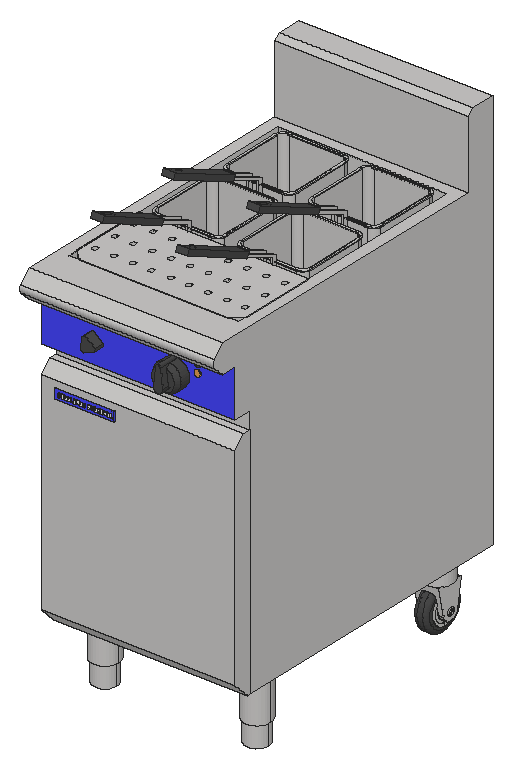
Revit family "QF_MOFFAT_BLUESEAL_CE_G47", category Specialty Equipment, Revit 2012
Parameters
  Weight in Pounds = 182
  Waste Water Discharge Temperature [instance] = -459.67 °F
  URL Cutsheet = "www.moffat.com"
  URL = "www.moffat.com"
  Type Mark [instance] = ""
  Status [instance] = ""
  Specification by User [instance] = ""
  Specification by Manufacturer = ""
  Show Logo [instance] = yes
  Show Clearance [instance] = yes
  Show Casters [instance] = yes
  Serial Number = ""
  Seismic Rating = ""
  SMACNA No = ""
  Revision Code [instance] = ""
  Plumbing Remarks = ""
  Plumbing Connection Type = ""
  Omniclass Number and Title = ""
  NAFEM Spec ID Number = ""
  Model = "G47"
  Mechanical Remarks = ""
  Mechanical Connection Type = ""
  Masterspec = ""
  Manufacturer = "MOFFAT BLUESEAL"
  Legs [instance] = not(Show Casters)  # no
  Item Number [instance] = ""
  Installed By [instance] = ""
  Indirect Waste Size = 1"
  Indirect Waste Flow [instance] = 0 GPM
  Indirect Waste Connection Type = ""
  Indirect Waste Connection Height = 0 mm
  Identify Quantity as Lot [instance] = yes
  Gas Size = 3/4"
  Gas RI Height [instance] = 0 mm
  Gas KW = 13.5
  Gas Input = 46000.0 Btu/h
  Gas Connection Height = 0 mm
  Furnished By [instance] = ""
  Foodservice Equipment Identifier [instance] = yes
  Description = "450MM GAS PASTA COOKER SINGLE PAN"
  Cold Water Temperature Recommended [instance] = -459.67 °F
  Cold Water Size = 1/2"
  Cold Water RI Height [instance] = 0 mm
  Cold Water Minimum Pressure = 0.00 psi
  Cold Water Maximum Pressure = 0.00 psi
  Cold Water Flow [instance] = 0 GPM
  Cold Water Consumption = ""
  Cold Water Connection Height = 0 mm
  CSI MasterFormat = ""
  CSI Master Format = ""
Reference planes
  plane 1 "BACK": y = 0
  plane 2: z = 0
  plane 3 "LEFT": x = 0
  plane 4 "RIGHT": x = 450
  plane 5 "FRONT": y = -804.5
  plane 6 "TOP": z = 1085.5
  plane 7 "Center Y": x = 225
  plane 8 "Center X": y = -402.25
  plane 9: y = -470
  plane 10: x = 118
  plane 11: x = 50
  plane 12: y = -556
  plane 13: x = 92.16
  plane 14: y = -541
  plane 15: x = 180.045
  plane 16: y = -541
  plane 17: x = 224.495
  plane 18: y = -541
  plane 19: x = 267.312
  plane 20: y = -541
  plane 21: x = 355.197
  plane 22: y = -541
  plane 23: x = 398.358
  plane 24: y = -541
  plane 25: y = -105.75
  plane 26: y = -220.5
  plane 27: y = -371.868
Forms (mm)
  Extrusion 1, solid, material "QF_Finishes_Stainless Steel"
    sketch origin (0, 0, 0) x (0, 1, 0) y (0, 0, 1)
      loop
        line (-705, 150) -> (0, 150) -> (0, 1085.5) -> (-57, 1085.5) -> (-70, 1072.5) -> (-70, 915) -> (-783.97, 915) -> (-808.485, 890.485)
        arc (-808.485, 890.485) -> (-811.999, 882) -> (-808.485, 873.515) r 12
        line (-808.485, 873.515) -> (-784.97, 850) -> (-749, 850) -> (-749, 740) -> (-705, 740) -> (-705, 150)
    from 0 to 450
  Extrusion 2, solid, material "QF_Finishes_Stainless Steel"
    sketch origin (0, 0, 0) x (0, 1, 0) y (0, 0, 1)
      loop
        line (-749, 676) -> (-749, 186) -> (-713, 150) -> (-705, 150) -> (-705, 700) -> (-725, 700) -> (-749, 676)
    from 0 to 450
  Revolve 3, solid, material "QF_Finishes_Stainless Steel"
    sketch origin (-16.8, -625, 0) x (1, 0, 0) y (0, 0, 1)
      loop
        line (65, 0) -> (65, 150) -> (33.25, 150) -> (33.25, 50) -> (37.5, 50) -> (37.5, 0) -> (65, 0)
      axis (65, 0) -> (65, 150)
    angle from 0 to 360
  Revolve 4, solid, material "QF_Finishes_Stainless Steel"
    sketch origin (466.8, -625, 0) x (-1, 0, 0) y (0, 0, 1)
      loop
        line (65, 0) -> (65, 150) -> (33.25, 150) -> (33.25, 50) -> (37.5, 50) -> (37.5, 0) -> (65, 0)
      axis (65, 0) -> (65, 150)
    angle from 0 to 360
  Revolve 5, solid, material "QF_Finishes_Stainless Steel", visible <- "Legs"
    sketch origin (401.8, -166, 0) x (0, 1, 0) y (0, 0, -1)
      loop
        line (34.25, -150) -> (66, -150) -> (66, 0) -> (38.5, 0) -> (38.5, -50) -> (34.25, -50) -> (34.25, -150)
      axis (66, -150) -> (66, 0)
    angle from 0 to 360
  Revolve 6, solid, material "QF_Finishes_Stainless Steel", visible <- "Show Casters"
    sketch origin (451.024, -100.755, -12.8) x (-1, 0, 0) y (0, 0, -1)
      loop
        line (14.841, -63.604) -> (14.841, -67.109) -> (16.111, -68.379) -> (17.635, -68.379) -> (17.635, -71.826) -> (29.782, -71.826) -> (29.782, -81.871) -> (33.352, -83.932) -> (34.687, -92.179) -> (32.544, -92.179) -> (32.544, -98.529) -> (33.338, -98.529) -> (33.338, -104.879)
        arc (33.338, -104.879) -> (36.127, -111.614) -> (42.863, -114.404) r 9.525
        line (42.863, -114.404) -> (55.563, -114.404)
        arc (55.563, -114.404) -> (62.298, -111.614) -> (65.088, -104.879) r 9.525
        line (65.088, -104.879) -> (65.088, -98.529) -> (65.881, -98.529) -> (65.881, -92.179) -> (63.738, -92.179) -> (65.088, -83.843) -> (68.644, -81.79) -> (68.644, -71.826) -> (80.79, -71.826) -> (80.79, -68.379) -> (82.314, -68.379) -> (83.584, -67.109) -> (83.584, -63.604) -> (14.841, -63.604)
      axis (14.841, -63.604) -> (83.584, -63.604)
    angle from 0 to 360
  Extrusion 7, solid, material "QF_Finishes_Stainless Steel", visible <- "Show Casters"
    sketch origin (395.299, 132.353, -8.783) x (0, 1, 0) y (0, 0, -1)
      loop
        line (-200.603, -118.783) -> (-212.959, -53.895)
        arc (-212.959, -53.895) -> (-232.353, -38.783) -> (-251.746, -53.895) r 20
        line (-251.746, -53.895) -> (-264.103, -118.783) -> (-200.603, -118.783)
    from -35.667 to 22.923
  Revolve 8, solid, material "QF_Finishes_Stainless Steel", visible <- "Show Casters"
    sketch origin (401.8, -204, 0) x (0, 1, 0) y (0, 0, -1)
      loop
        line (68.25, -150) -> (104, -150) -> (104, -110) -> (68.25, -110) -> (68.25, -150)
      axis (104, -150) -> (104, -110)
    angle from 0 to 360
  Revolve 9, solid, material "QF_Finishes_Stainless Steel", visible <- "Legs"
    sketch origin (401.8, -166, 0) x (0, 1, 0) y (0, 0, -1)
      loop
        line (34.25, -150) -> (66, -150) -> (66, 0) -> (38.5, 0) -> (38.5, -50) -> (34.25, -50) -> (34.25, -150)
      axis (66, -150) -> (66, 0)
    angle from 0 to 360
  Revolve 10, solid, material "QF_Finishes_Stainless Steel", visible <- "Legs"
    sketch origin (48.2, -166, 0) x (0, 1, 0) y (0, 0, -1)
      loop
        line (34.25, -150) -> (66, -150) -> (66, 0) -> (38.5, 0) -> (38.5, -50) -> (34.25, -50) -> (34.25, -150)
      axis (66, -150) -> (66, 0)
    angle from 0 to 360
  Revolve 11, solid, material "QF_Finishes_Stainless Steel", visible <- "Show Casters"
    sketch origin (97.424, -100.755, -12.8) x (-1, 0, 0) y (0, 0, -1)
      loop
        line (14.841, -63.604) -> (14.841, -67.109) -> (16.111, -68.379) -> (17.635, -68.379) -> (17.635, -71.826) -> (29.782, -71.826) -> (29.782, -81.871) -> (33.352, -83.932) -> (34.687, -92.179) -> (32.544, -92.179) -> (32.544, -98.529) -> (33.338, -98.529) -> (33.338, -104.879)
        arc (33.338, -104.879) -> (36.127, -111.614) -> (42.863, -114.404) r 9.525
        line (42.863, -114.404) -> (55.563, -114.404)
        arc (55.563, -114.404) -> (62.298, -111.614) -> (65.088, -104.879) r 9.525
        line (65.088, -104.879) -> (65.088, -98.529) -> (65.881, -98.529) -> (65.881, -92.179) -> (63.738, -92.179) -> (65.088, -83.843) -> (68.644, -81.79) -> (68.644, -71.826) -> (80.79, -71.826) -> (80.79, -68.379) -> (82.314, -68.379) -> (83.584, -67.109) -> (83.584, -63.604) -> (14.841, -63.604)
      axis (14.841, -63.604) -> (83.584, -63.604)
    angle from 0 to 360
  Extrusion 12, solid, material "QF_Finishes_Stainless Steel", visible <- "Show Casters"
    sketch origin (41.699, 132.353, -8.783) x (0, 1, 0) y (0, 0, -1)
      loop
        line (-200.603, -118.783) -> (-212.959, -53.895)
        arc (-212.959, -53.895) -> (-232.353, -38.783) -> (-251.746, -53.895) r 20
        line (-251.746, -53.895) -> (-264.103, -118.783) -> (-200.603, -118.783)
    from -35.667 to 22.923
  Revolve 13, solid, material "QF_Finishes_Stainless Steel", visible <- "Show Casters"
    sketch origin (48.2, -204, 0) x (0, 1, 0) y (0, 0, -1)
      loop
        line (68.25, -150) -> (104, -150) -> (104, -110) -> (68.25, -110) -> (68.25, -150)
      axis (104, -150) -> (104, -110)
    angle from 0 to 360
  Revolve 14, solid, material "QF_Finishes_Stainless Steel", visible <- "Legs"
    sketch origin (48.2, -166, 0) x (0, 1, 0) y (0, 0, -1)
      loop
        line (34.25, -150) -> (66, -150) -> (66, 0) -> (38.5, 0) -> (38.5, -50) -> (34.25, -50) -> (34.25, -150)
      axis (66, -150) -> (66, 0)
    angle from 0 to 360
  Extrusion 15, solid, material "QF_Finishes_Orange"
    sketch origin (-661.662, -749, 852.5) x (0, 0, -1) y (1, 0, 0)
      loop
        circle (45.2, 1025.121) r 7.15
    from 0 to 1
  Revolve 16, solid, material "QF_Finishes_Black"
    sketch origin (318.453, 7, 760.3) x (0, 1, 0) y (0, 0, -1)
      loop
        line (-789, -69.5) -> (-766, -69.5) -> (-766, -42) -> (-756, -42) -> (-756, -37) -> (-800, -37) -> (-800, -63.651) -> (-789, -69.5)
      axis (-800, -37) -> (-756, -37)
    angle from 0 to 360
  Extrusion 17, solid, material "QF_Finishes_Black"
    sketch origin (456.723, 0, 760.458) x (-1, 0, 0) y (0, 0, -1)
      loop
        line (127.85, -26.064) -> (133.27, -68.983)
        arc (133.27, -68.983) -> (138.269, -73.87) -> (143.267, -68.983) r 5
        line (143.267, -68.983) -> (148.756, -24.898)
        arc (148.756, -24.898) -> (137.684, -14.399) -> (127.85, -26.064) r 10.487
    from 759 to 808
  Extrusion 18, solid, material "QF_Finishes_Black"
    sketch origin (-661.662, -749, 852.5) x (0, 0, -1) y (1, 0, 0)
      loop
        circle (25.2, 1025.121) r 7.15
    from 0 to 1
  Extrusion 19, solid, material "QF_Finishes_Black"
    sketch origin (22.819, -759, 866) x (0, 0, -1) y (1, 0, 0)
      loop
        line (86.551, 101.927) -> (74.537, 128.133) -> (67.527, 128.793) -> (50.134, 105.178) -> (53.346, 98.172) -> (81.813, 95.495) -> (86.551, 101.927)
    from 0 to 23
  Extrusion 20, void
    sketch origin (0, 0, 0) x (0, 1, 0) y (0, 0, 1)
      loop
        line (-95.5, 915) -> (-705, 915) -> (-705, 747.948) -> (-95.5, 747.948) -> (-95.5, 915)
    from 27.4 to 422.6
  Extrusion 21, solid, material "QF_Finishes_Stainless Steel"
    sketch origin (0, 0, 0) x (1, 0, 0) y (0, 1, 0)
      loop
        circle (118, -470) r 10
    from 170 to 175
  Extrusion 22, solid, material "QF_Finishes_Stainless Steel"
    sketch origin (0, 0, 150) x (-1, 0, 0) y (0, 1, 0)
      loop
        circle (-50, -556) r 6.35
    from 0 to 1.588
  Extrusion 23, solid, material "QF_Finishes_Stainless Steel"
    sketch origin (43.16, 0, 150) x (-1, 0, 0) y (0, 1, 0)
      loop
        circle (-49, -541) r 6.35
    from 0 to 1.588
  Extrusion 24, solid, material "QF_Finishes_Stainless Steel"
    sketch origin (131.045, 0, 150) x (-1, 0, 0) y (0, 1, 0)
      loop
        circle (-49, -541) r 6.35
    from 0 to 1.588
  Extrusion 25, solid, material "QF_Finishes_Stainless Steel"
    sketch origin (175.495, 0, 150) x (-1, 0, 0) y (0, 1, 0)
      loop
        circle (-49, -541) r 6.35
    from 0 to 1.588
  Extrusion 26, solid, material "QF_Finishes_Stainless Steel"
    sketch origin (218.312, 0, 150) x (-1, 0, 0) y (0, 1, 0)
      loop
        circle (-49, -541) r 6.35
    from 0 to 1.588
  Extrusion 27, solid, material "QF_Finishes_Stainless Steel"
    sketch origin (306.197, 0, 150) x (-1, 0, 0) y (0, 1, 0)
      loop
        circle (-49, -541) r 6.35
    from 0 to 1.588
  Extrusion 28, solid, material "QF_Finishes_Stainless Steel"
    sketch origin (349.358, 0, 150) x (-1, 0, 0) y (0, 1, 0)
      loop
        circle (-49, -541) r 6.35
    from 0 to 1.588
  Extrusion 29, solid, material "QF_Door-Drawer Clearances", visible <- "Show Clearance", detail levels coarse
    sketch origin (32.187, -710.65, 150) x (-1, 0, 0) y (0, 1, 0)
      loop
        line (32.187, -38.35) -> (-417.813, -38.35)
        arc (-417.813, -38.35) -> (-286.605, -360.107) -> (32.187, -498.361) r 460.122
        line (32.187, -498.361) -> (32.187, -38.35)
    from 0 to -550
  Extrusion 30, solid, material "QF_Finishes_Stainless Steel"
    sketch origin (0, 0, 150) x (-1, 0, 0) y (0, 1, 0)
      loop
        circle (-152, -33) r 9.525
    from 0 to 6.4
  Extrusion 31, solid, material "QF_Finishes_Stainless Steel"
    sketch origin (0, 0, 0) x (1, 0, 0) y (0, 1, 0)
      loop
        line (422.6, -499.7) -> (27.4, -499.7) -> (27.4, -679.6) -> (52.8, -705) -> (397.2, -705) -> (422.6, -679.6) -> (422.6, -499.7)
    from 898.356 to 915
  Extrusion 32, void
    sketch origin (0, -692.812, 915) x (0, 1, 0) y (-1, 0, 0)
      loop
        circle (151.722, -50.321) r 6.35
      loop
        circle (94.572, -50.321) r 6.35
      loop
        circle (37.422, -50.321) r 6.35
      loop
        circle (151.722, -225.817) r 6.35
      loop
        circle (94.572, -225.817) r 6.35
      loop
        circle (37.422, -225.817) r 6.35
      loop
        circle (151.722, -181.367) r 6.35
      loop
        circle (94.572, -181.367) r 6.35
      loop
        circle (37.422, -181.367) r 6.35
      loop
        circle (151.722, -137.932) r 6.35
      loop
        circle (94.572, -137.932) r 6.35
      loop
        circle (37.422, -137.932) r 6.35
      loop
        circle (151.722, -93.482) r 6.35
      loop
        circle (94.572, -93.482) r 6.35
      loop
        circle (37.422, -93.482) r 6.35
      loop
        circle (151.722, -399.679) r 6.35
      loop
        circle (94.572, -399.679) r 6.35
      loop
        circle (37.422, -399.679) r 6.35
      loop
        circle (151.722, -268.633) r 6.35
      loop
        circle (94.572, -268.633) r 6.35
      loop
        circle (37.422, -268.633) r 6.35
      loop
        circle (151.722, -312.068) r 6.35
      loop
        circle (94.572, -312.068) r 6.35
      loop
        circle (37.422, -312.068) r 6.35
      loop
        circle (151.722, -356.518) r 6.35
      loop
        circle (94.572, -356.518) r 6.35
      loop
        circle (37.422, -356.518) r 6.35
    from -24.435 to 1.588
Cuts and joins
  Extrusion 20 cuts Extrusion 1
  Extrusion 32 cuts Extrusion 31
Lines and regions (mm)
  symbolic lines
    curve 1: line (0, 0, 915) -> (450, 0, 915)
    curve 2: line (0, -804.5, 915) -> (0, 0, 915)
    curve 3: line (450, -804.5, 915) -> (0, -804.5, 915)
    curve 4: line (450, 0, 915) -> (450, -804.5, 915)
    curve 5: line (0, -783.97, 915) -> (450, -783.97, 915)
    curve 6: line (27.4, -95.5, 915) -> (422.6, -95.5, 915)
    curve 7: line (422.6, -95.5, 915) -> (422.6, -705, 915)
    curve 8: line (422.6, -705, 915) -> (27.4, -705, 915)
    curve 9: line (27.4, -705, 915) -> (27.4, -95.5, 915)
    curve 10: line (422.6, -499.7, 915) -> (27.4, -499.7, 915)
    curve 11: line (0, -57, 915) -> (450, -57, 915)
    curve 12: line (0, -70, 915) -> (450, -70, 915)
    curve 48: line (27.4, -679.6, 0) -> (52.8, -705, 0)
    curve 49: line (397.2, -705, 0) -> (422.6, -679.6, 0)
  symbolic lines, style "SpecialityEquipmentHiddenLines", visible <- "Show Casters"
    curve 13: line (106.952, -62.61, 0) -> (56.152, -150.598, 0)
    curve 14: line (79.456, -46.735, 0) -> (106.952, -62.61, 0)
    curve 15: line (28.656, -134.723, 0) -> (79.456, -46.735, 0)
    curve 16: line (56.152, -150.598, 0) -> (28.656, -134.723, 0)
    curve 17: line (431.952, -62.61, 0) -> (381.152, -150.598, 0)
    curve 18: line (404.456, -46.735, 0) -> (431.952, -62.61, 0)
    curve 19: line (353.656, -134.723, 0) -> (404.456, -46.735, 0)
    curve 20: line (381.152, -150.598, 0) -> (353.656, -134.723, 0)
  symbolic lines, style "QF_Door-Drawer Clearances"
    curve 21: arc (446.641, -804.5, 0) -> (427.109, -892.322, 0) -> (390.862, -974.664, 0) r 460.122
    curve 22: line (96.129, -804.5, 0) -> (390.862, -974.664, 0)
  symbolic lines, style "SpecialityEquipment"
    curve 23: circle (50.321, -541.09, 0) r 6.35 normal (0, 0, 1)
    curve 24: circle (50.321, -598.24, 0) r 6.35 normal (0, 0, 1)
    curve 25: circle (50.321, -655.39, 0) r 6.35 normal (0, 0, 1)
    curve 26: circle (225.817, -541.09, 0) r 6.35 normal (0, 0, 1)
    curve 27: circle (225.817, -598.24, 0) r 6.35 normal (0, 0, 1)
    curve 28: circle (225.817, -655.39, 0) r 6.35 normal (0, 0, 1)
    curve 29: circle (181.367, -541.09, 0) r 6.35 normal (0, 0, 1)
    curve 30: circle (181.367, -598.24, 0) r 6.35 normal (0, 0, 1)
    curve 31: circle (181.367, -655.39, 0) r 6.35 normal (0, 0, 1)
    curve 32: circle (137.932, -541.09, 0) r 6.35 normal (0, 0, 1)
    curve 33: circle (137.932, -598.24, 0) r 6.35 normal (0, 0, 1)
    curve 34: circle (137.932, -655.39, 0) r 6.35 normal (0, 0, 1)
    curve 35: circle (93.482, -655.39, 0) r 6.35 normal (0, 0, 1)
    curve 36: circle (399.679, -541.09, 0) r 6.35 normal (0, 0, -1)
    curve 37: circle (399.679, -598.24, 0) r 6.35 normal (0, 0, -1)
    curve 38: circle (399.679, -655.39, 0) r 6.35 normal (0, 0, -1)
    curve 39: circle (268.633, -541.09, 0) r 6.35 normal (0, 0, -1)
    curve 40: circle (268.633, -598.24, 0) r 6.35 normal (0, 0, -1)
    curve 41: circle (268.633, -655.39, 0) r 6.35 normal (0, 0, -1)
    curve 42: circle (312.068, -541.09, 0) r 6.35 normal (0, 0, -1)
    curve 43: circle (312.068, -598.24, 0) r 6.35 normal (0, 0, -1)
    curve 44: circle (312.068, -655.39, 0) r 6.35 normal (0, 0, -1)
    curve 45: circle (356.518, -541.09, 0) r 6.35 normal (0, 0, -1)
    curve 46: circle (356.518, -598.24, 0) r 6.35 normal (0, 0, -1)
    curve 47: circle (356.518, -655.39, 0) r 6.35 normal (0, 0, -1)
Dimensions and locks
  equal spacing: plane 3 "LEFT", plane 7 "Center Y", plane 4 "RIGHT"
  plane 3 "LEFT" to plane 4 "RIGHT" = 450 mm
  equal spacing: plane 5 "FRONT", plane 8 "Center X", plane 1 "BACK"
  plane 5 "FRONT" to plane 1 "BACK" = 804.5 mm
  Revolve 6 sketch curve to Revolve 6 sketch curve = 50.8 mm
  Revolve 11 sketch curve to Revolve 11 sketch curve = 50.8 mm
  plane 9 to plane 1 "BACK" = 470 mm
  plane 3 "LEFT" to plane 10 = 118 mm
  plane 3 "LEFT" to plane 11 = 50 mm
  plane 12 to plane 1 "BACK" = 556 mm
  plane 3 "LEFT" to Extrusion 30 sketch curve = 152 mm
  Extrusion 30 sketch curve to plane 1 "BACK" = 33 mm
  nested 5 to nested 5 = 180 mm
  aligned and locked: level to plane 2
  aligned and locked: Extrusion 2 to plane 4 "RIGHT"
  aligned and locked: Extrusion 1 to plane 4 "RIGHT"
Automatic sketch dimensions
  Extrusion 1 sketch curve to plane 6 "TOP" = 0 mm
  Extrusion 1 sketch curve to plane 1 "BACK" = 0 mm
  plane 1 "BACK" to Extrusion 1 sketch curve = 57 mm
  plane 1 "BACK" to Extrusion 1 sketch curve = 70 mm
  Extrusion 1 sketch curve to plane 5 "FRONT" = 99.5 mm
  Extrusion 1 sketch curve to plane 5 "FRONT" = 55.5 mm
  Extrusion 1 sketch curve to plane 5 "FRONT" = 20.53 mm
  Extrusion 1 sketch curve to plane 5 "FRONT" = 19.53 mm
  Extrusion 1 sketch curve to plane 5 "FRONT" = 4.501 mm
  plane 5 "FRONT" to Extrusion 1 sketch curve = 3.985 mm  (x2)
  Extrusion 1 sketch curve to plane 6 "TOP" = 13 mm
  Extrusion 1 sketch curve to plane 6 "TOP" = 170.5 mm
  Extrusion 1 sketch curve to Extrusion 1 sketch curve = 24.515 mm
  Extrusion 1 sketch curve to Extrusion 1 sketch curve = 8.485 mm
  Extrusion 1 sketch curve to Extrusion 1 sketch curve = 23.515 mm
  Extrusion 1 sketch curve to Extrusion 1 sketch curve = 110 mm
  level to Extrusion 1 sketch curve = 150 mm
  Extrusion 2 sketch curve to plane 5 "FRONT" = 55.5 mm
  Extrusion 2 sketch curve to Extrusion 2 sketch curve = 24 mm  (x2)
  Extrusion 2 sketch curve to Extrusion 2 sketch curve = 36 mm  (x2)
  Extrusion 2 sketch curve to Extrusion 2 sketch curve = 8 mm
  level to Extrusion 2 sketch curve = 150 mm
  Extrusion 2 sketch curve to plane 6 "TOP" = 409.5 mm
  Revolve 3 sketch curve to level = 0 mm
  plane 3 "LEFT" to Revolve 3 sketch curve = 16.45 mm
  Revolve 3 sketch curve to Revolve 3 sketch curve = 4.25 mm
  Revolve 3 sketch curve to Revolve 3 sketch curve = 31.75 mm
  Revolve 3 sketch curve to Revolve 3 sketch curve = 0 mm  (x2)
  Revolve 3 sketch curve to Revolve 3 sketch curve = 50 mm
  Revolve 3 sketch curve to Revolve 3 sketch curve = 100 mm
  Revolve 3 sketch curve to Revolve 3 sketch curve = 25 mm
  Revolve 5 sketch curve to level = 0 mm
  level to Revolve 5 sketch curve = 50 mm
  plane 1 "BACK" to Revolve 5 sketch curve = 131.75 mm
  Revolve 5 sketch curve to Revolve 5 sketch curve = 4.25 mm
  Revolve 5 sketch curve to Revolve 5 sketch curve = 27.5 mm  (x2)
  Revolve 5 sketch curve to Revolve 5 sketch curve = 100 mm
  Revolve 5 sketch curve to Revolve 5 sketch curve = 0 mm
  Revolve 5 sketch curve to Revolve 5 sketch curve = 55 mm
  plane 1 "BACK" to Extrusion 7 sketch curve = 131.75 mm
  level to Extrusion 7 sketch curve = 45.111 mm  (x2)
  Extrusion 7 sketch curve to Extrusion 7 sketch curve = 12.357 mm
  Extrusion 7 sketch curve to Extrusion 7 sketch curve = 19.393 mm
  Extrusion 7 sketch curve to Extrusion 7 sketch curve = 63.5 mm
  Extrusion 7 sketch curve to Extrusion 7 sketch curve = 4.889 mm
  Extrusion 7 sketch curve to Extrusion 7 sketch curve = 64.889 mm
  plane 1 "BACK" to Revolve 8 sketch curve = 135.75 mm
  plane 1 "BACK" to Revolve 8 sketch curve = 100 mm
  Revolve 8 sketch curve to Revolve 8 sketch curve = 35.75 mm
  level to Revolve 8 sketch curve = 150 mm
  Revolve 8 sketch curve to Revolve 8 sketch curve = 40 mm
  level to Revolve 8 sketch curve = 50 mm
  Revolve 8 sketch curve to level = 55 mm
  Revolve 9 sketch curve to level = 0 mm
  level to Revolve 9 sketch curve = 50 mm
  plane 1 "BACK" to Revolve 9 sketch curve = 131.75 mm
  Revolve 9 sketch curve to Revolve 9 sketch curve = 4.25 mm
  Revolve 9 sketch curve to Revolve 9 sketch curve = 27.5 mm  (x2)
  Revolve 9 sketch curve to Revolve 9 sketch curve = 100 mm
  Revolve 9 sketch curve to Revolve 9 sketch curve = 0 mm
  Revolve 9 sketch curve to Revolve 9 sketch curve = 55 mm
  Revolve 10 sketch curve to level = 0 mm
  level to Revolve 10 sketch curve = 50 mm
  plane 1 "BACK" to Revolve 10 sketch curve = 131.75 mm
  Revolve 10 sketch curve to Revolve 10 sketch curve = 4.25 mm
  Revolve 10 sketch curve to Revolve 10 sketch curve = 27.5 mm  (x2)
  Revolve 10 sketch curve to Revolve 10 sketch curve = 100 mm
  Revolve 10 sketch curve to Revolve 10 sketch curve = 0 mm
  Revolve 10 sketch curve to Revolve 10 sketch curve = 55 mm
  plane 3 "LEFT" to Revolve 11 sketch curve = 82.582 mm
  Revolve 11 sketch curve to Revolve 11 sketch curve = 1.27 mm  (x4)
  Revolve 11 sketch curve to Revolve 11 sketch curve = 1.524 mm  (x2)
  Revolve 11 sketch curve to Revolve 11 sketch curve = 12.146 mm  (x2)
  Revolve 11 sketch curve to Revolve 11 sketch curve = 2.762 mm
  Revolve 11 sketch curve to Revolve 11 sketch curve = 0.794 mm  (x2)
  Revolve 11 sketch curve to Revolve 11 sketch curve = 3.57 mm
  Revolve 11 sketch curve to Revolve 11 sketch curve = 2.143 mm
  Revolve 11 sketch curve to Revolve 11 sketch curve = 9.525 mm
  Revolve 11 sketch curve to Revolve 11 sketch curve = 24.572 mm
  Revolve 11 sketch curve to Revolve 11 sketch curve = 12.7 mm
  Revolve 11 sketch curve to Revolve 11 sketch curve = 8.176 mm
  Revolve 11 sketch curve to Revolve 11 sketch curve = 1.349 mm  (x2)
  Revolve 11 sketch curve to Revolve 11 sketch curve = 3.556 mm
  Revolve 11 sketch curve to plane 3 "LEFT" = 19.48 mm
  level to Revolve 11 sketch curve = 101.604 mm
  Revolve 11 sketch curve to Revolve 11 sketch curve = 6.35 mm  (x4)
  Revolve 11 sketch curve to Revolve 11 sketch curve = 8.247 mm
  Revolve 11 sketch curve to Revolve 11 sketch curve = 8.336 mm
  Revolve 11 sketch curve to Revolve 11 sketch curve = 2.061 mm
  Revolve 11 sketch curve to Revolve 11 sketch curve = 2.053 mm
  Revolve 11 sketch curve to Revolve 11 sketch curve = 10.045 mm
  Revolve 11 sketch curve to Revolve 11 sketch curve = 9.964 mm
  Revolve 11 sketch curve to Revolve 11 sketch curve = 3.447 mm  (x2)
  Revolve 11 sketch curve to Revolve 11 sketch curve = 3.505 mm
  plane 1 "BACK" to Extrusion 12 sketch curve = 131.75 mm
  level to Extrusion 12 sketch curve = 45.111 mm  (x2)
  Extrusion 12 sketch curve to Extrusion 12 sketch curve = 12.357 mm
  Extrusion 12 sketch curve to Extrusion 12 sketch curve = 19.393 mm
  Extrusion 12 sketch curve to Extrusion 12 sketch curve = 63.5 mm
  Extrusion 12 sketch curve to Extrusion 12 sketch curve = 4.889 mm
  Extrusion 12 sketch curve to Extrusion 12 sketch curve = 64.889 mm
  plane 1 "BACK" to Revolve 13 sketch curve = 135.75 mm
  plane 1 "BACK" to Revolve 13 sketch curve = 100 mm
  Revolve 13 sketch curve to Revolve 13 sketch curve = 35.75 mm
  level to Revolve 13 sketch curve = 150 mm
  Revolve 13 sketch curve to Revolve 13 sketch curve = 40 mm
  level to Revolve 13 sketch curve = 50 mm
  Revolve 13 sketch curve to level = 55 mm
  Revolve 14 sketch curve to level = 0 mm
  level to Revolve 14 sketch curve = 50 mm
  plane 1 "BACK" to Revolve 14 sketch curve = 131.75 mm
  Revolve 14 sketch curve to Revolve 14 sketch curve = 4.25 mm
  Revolve 14 sketch curve to Revolve 14 sketch curve = 27.5 mm  (x2)
  Revolve 14 sketch curve to Revolve 14 sketch curve = 100 mm
  Revolve 14 sketch curve to Revolve 14 sketch curve = 0 mm
  Revolve 14 sketch curve to Revolve 14 sketch curve = 55 mm
  Revolve 16 sketch curve to plane 5 "FRONT" = 11.5 mm
  Revolve 16 sketch curve to Revolve 16 sketch curve = 0 mm  (x2)
  Revolve 16 sketch curve to Revolve 16 sketch curve = 11 mm
  Revolve 16 sketch curve to Revolve 16 sketch curve = 12.7 mm
  Revolve 16 sketch curve to Revolve 16 sketch curve = 23 mm
  Revolve 16 sketch curve to Revolve 16 sketch curve = 10 mm
  Revolve 16 sketch curve to plane 6 "TOP" = 255.7 mm
  Revolve 16 sketch curve to Revolve 16 sketch curve = 5.849 mm
  Revolve 16 sketch curve to Revolve 16 sketch curve = 27.5 mm
  Revolve 16 sketch curve to Revolve 16 sketch curve = 5 mm
  plane 7 "Center Y" to Extrusion 17 sketch curve = 103.873 mm
  Extrusion 17 sketch curve to Extrusion 17 sketch curve = 5.421 mm
  Extrusion 17 sketch curve to Extrusion 17 sketch curve = 10.419 mm
  Extrusion 17 sketch curve to Extrusion 17 sketch curve = 4.999 mm  (x2)
  Extrusion 17 sketch curve to Extrusion 17 sketch curve = 10.487 mm
  Extrusion 17 sketch curve to plane 6 "TOP" = 256.059 mm
  Extrusion 17 sketch curve to Extrusion 17 sketch curve = 0.113 mm
  Extrusion 17 sketch curve to Extrusion 17 sketch curve = 42.919 mm
  Extrusion 17 sketch curve to Extrusion 17 sketch curve = 1.167 mm
  Extrusion 19 sketch curve to plane 7 "Center Y" = 97.003 mm
  Extrusion 19 sketch curve to plane 6 "TOP" = 269.634 mm
  Extrusion 19 sketch curve to plane 7 "Center Y" = 104.009 mm
  Extrusion 19 sketch curve to Extrusion 19 sketch curve = 3.212 mm
  Extrusion 19 sketch curve to plane 7 "Center Y" = 73.388 mm
  Extrusion 19 sketch curve to Extrusion 19 sketch curve = 17.393 mm
  Extrusion 19 sketch curve to plane 7 "Center Y" = 74.048 mm
  Extrusion 19 sketch curve to Extrusion 19 sketch curve = 7.011 mm
  Extrusion 19 sketch curve to plane 7 "Center Y" = 106.686 mm
  Extrusion 19 sketch curve to Extrusion 19 sketch curve = 28.467 mm
  Extrusion 19 sketch curve to plane 7 "Center Y" = 100.254 mm
  Extrusion 19 sketch curve to Extrusion 19 sketch curve = 4.738 mm
  plane 1 "BACK" to Extrusion 20 sketch curve = 95.5 mm
  Extrusion 20 sketch curve to plane 6 "TOP" = 337.552 mm
  Extrusion 20 sketch curve to Extrusion 20 sketch curve = 167.052 mm
  Extrusion 21 sketch curve to plane 9 = 0 mm
  Extrusion 21 sketch curve to plane 10 = 0 mm
  plane 3 "LEFT" to curve 15 = 28.656 mm
  curve 15 to curve 16 = 27.496 mm
  plane 3 "LEFT" to curve 15 = 79.456 mm
  plane 4 "RIGHT" to curve 20 = 96.344 mm
  curve 19 to curve 20 = 27.496 mm
  plane 4 "RIGHT" to curve 19 = 45.544 mm
  plane 1 "BACK" to curve 13 = 150.598 mm
  plane 1 "BACK" to curve 20 = 150.598 mm
  curve 20 to curve 19 = 15.875 mm
  curve 13 to curve 15 = 15.875 mm
  Revolve 4 sketch curve to level = 0 mm
  Revolve 4 sketch curve to plane 4 "RIGHT" = 16.45 mm
  Revolve 4 sketch curve to Revolve 4 sketch curve = 4.25 mm
  Revolve 4 sketch curve to Revolve 4 sketch curve = 31.75 mm
  Revolve 4 sketch curve to Revolve 4 sketch curve = 0 mm  (x2)
  Revolve 4 sketch curve to Revolve 4 sketch curve = 50 mm
  Revolve 4 sketch curve to Revolve 4 sketch curve = 100 mm
  Revolve 4 sketch curve to Revolve 4 sketch curve = 25 mm
  plane 4 "RIGHT" to Revolve 6 sketch curve = 13.818 mm
  Revolve 6 sketch curve to Revolve 6 sketch curve = 1.27 mm  (x4)
  Revolve 6 sketch curve to Revolve 6 sketch curve = 1.524 mm  (x2)
  Revolve 6 sketch curve to Revolve 6 sketch curve = 12.146 mm  (x2)
  Revolve 6 sketch curve to Revolve 6 sketch curve = 2.762 mm
  Revolve 6 sketch curve to Revolve 6 sketch curve = 0.794 mm  (x2)
  Revolve 6 sketch curve to Revolve 6 sketch curve = 3.57 mm
  Revolve 6 sketch curve to Revolve 6 sketch curve = 2.143 mm
  Revolve 6 sketch curve to Revolve 6 sketch curve = 9.525 mm
  Revolve 6 sketch curve to Revolve 6 sketch curve = 24.572 mm
  Revolve 6 sketch curve to Revolve 6 sketch curve = 12.7 mm
  Revolve 6 sketch curve to Revolve 6 sketch curve = 8.176 mm
  Revolve 6 sketch curve to Revolve 6 sketch curve = 1.349 mm  (x2)
  Revolve 6 sketch curve to Revolve 6 sketch curve = 3.556 mm
  Revolve 6 sketch curve to Revolve 6 sketch curve = 33.32 mm
  level to Revolve 6 sketch curve = 101.604 mm
  Revolve 6 sketch curve to Revolve 6 sketch curve = 6.35 mm  (x4)
  Revolve 6 sketch curve to Revolve 6 sketch curve = 8.247 mm
  Revolve 6 sketch curve to Revolve 6 sketch curve = 8.336 mm
  Revolve 6 sketch curve to Revolve 6 sketch curve = 2.061 mm
  Revolve 6 sketch curve to Revolve 6 sketch curve = 2.053 mm
  Revolve 6 sketch curve to Revolve 6 sketch curve = 10.045 mm
  Revolve 6 sketch curve to Revolve 6 sketch curve = 9.964 mm
  Revolve 6 sketch curve to Revolve 6 sketch curve = 3.447 mm  (x2)
  Revolve 6 sketch curve to Revolve 6 sketch curve = 3.505 mm
  plane 4 "RIGHT" to Extrusion 15 sketch curve = 86.542 mm
  Extrusion 15 sketch curve to plane 6 "TOP" = 278.2 mm
  plane 4 "RIGHT" to Extrusion 18 sketch curve = 86.542 mm
  Extrusion 18 sketch curve to plane 6 "TOP" = 258.2 mm
  Extrusion 22 sketch curve to Extrusion 2 = 50 mm
  Extrusion 22 sketch curve to Extrusion 2 = 149 mm
  curve 4 to Extrusion 1 = 0 mm
  curve 2 to Extrusion 1 = 0 mm
  curve 5 to Extrusion 1 = 0 mm
  curve 12 to Extrusion 1 = 0 mm
  Extrusion 1 to curve 3 = 20.53 mm
  Extrusion 1 to curve 8 = 27.4 mm
  curve 8 to Extrusion 1 = 78.97 mm
  Extrusion 1 to curve 6 = 25.5 mm
  curve 11 to Extrusion 1 = 13 mm
  curve 11 to curve 2 = 57 mm
  Extrusion 1 to curve 7 = 27.4 mm
  Extrusion 23 sketch curve to Extrusion 2 = 92.16 mm
  Extrusion 23 sketch curve to Extrusion 2 = 164 mm
  Extrusion 24 sketch curve to Extrusion 2 = 180.045 mm
  Extrusion 24 sketch curve to Extrusion 2 = 164 mm
  Extrusion 25 sketch curve to Extrusion 2 = 224.495 mm
  Extrusion 25 sketch curve to Extrusion 2 = 164 mm
  Extrusion 26 sketch curve to Extrusion 2 = 182.688 mm
  Extrusion 26 sketch curve to Extrusion 2 = 164 mm
  Extrusion 27 sketch curve to Extrusion 2 = 94.803 mm
  Extrusion 27 sketch curve to Extrusion 2 = 164 mm
  Extrusion 28 sketch curve to Extrusion 2 = 51.642 mm
  Extrusion 28 sketch curve to Extrusion 2 = 164 mm
  curve 21 to plane 3 "LEFT" = 10.122 mm
  plane 5 "FRONT" to curve 22 = 0 mm
  plane 3 "LEFT" to curve 22 = 96.129 mm
  plane 4 "RIGHT" to curve 21 = 59.138 mm
  plane 4 "RIGHT" to curve 21 = 3.359 mm
  plane 5 "FRONT" to curve 22 = 170.164 mm
  plane 5 "FRONT" to curve 21 = 0 mm
  Extrusion 29 sketch curve to plane 4 "RIGHT" = 0 mm
  Extrusion 29 sketch curve to plane 3 "LEFT" = 0 mm
  Extrusion 29 sketch curve to plane 3 "LEFT" = 10.122 mm
  Extrusion 29 sketch curve to plane 5 "FRONT" = 55.5 mm
  Extrusion 20 sketch curve to plane 5 "FRONT" = 99.5 mm
  curve 7 to curve 10 = 205.3 mm
  plane 3 "LEFT" to Extrusion 31 sketch curve = 27.4 mm
  Extrusion 31 sketch curve to Extrusion 31 sketch curve = 25.4 mm  (x3)
  plane 4 "RIGHT" to Extrusion 31 sketch curve = 52.8 mm
  plane 4 "RIGHT" to Extrusion 31 sketch curve = 27.4 mm
  Extrusion 31 sketch curve to plane 5 "FRONT" = 99.5 mm
  Extrusion 31 sketch curve to plane 9 = 29.7 mm
  Extrusion 32 sketch curve to plane 5 "FRONT" = 149.11 mm  (x2)
  Extrusion 32 sketch curve to Extrusion 32 sketch curve = 0 mm  (x20)
  plane 7 "Center Y" to Extrusion 32 sketch curve = 43.633 mm
  plane 7 "Center Y" to Extrusion 32 sketch curve = 0.817 mm  (x3)
  Extrusion 32 sketch curve to Extrusion 32 sketch curve = 57.15 mm  (x5)
  Extrusion 32 sketch curve to Extrusion 32 sketch curve = 42.817 mm  (x2)
  Extrusion 32 sketch curve to Extrusion 32 sketch curve = 43.435 mm  (x6)
  Extrusion 32 sketch curve to Extrusion 32 sketch curve = 44.45 mm  (x6)
  Extrusion 32 sketch curve to Extrusion 32 sketch curve = 43.16 mm  (x6)
  Extrusion 32 sketch curve to plane 7 "Center Y" = 43.633 mm  (x3)
  plane 3 "LEFT" to curve 48 = 27.4 mm
  curve 48 to curve 25 = 22.921 mm
  plane 3 "LEFT" to curve 24 = 50.321 mm
  plane 3 "LEFT" to curve 23 = 50.321 mm
  curve 48 to curve 48 = 25.4 mm  (x2)
  curve 25 to curve 35 = 43.16 mm
  curve 35 to curve 34 = 44.45 mm
  curve 33 to curve 34 = 0 mm
  curve 32 to curve 33 = 0 mm
  curve 34 to curve 31 = 43.435 mm
  curve 32 to curve 29 = 43.435 mm
  curve 33 to curve 30 = 43.435 mm
  plane 7 "Center Y" to curve 27 = 0.817 mm
  plane 7 "Center Y" to curve 28 = 0.817 mm
  plane 7 "Center Y" to curve 26 = 0.817 mm
  curve 26 to curve 39 = 42.817 mm
  curve 27 to curve 40 = 42.817 mm
  curve 28 to curve 41 = 42.817 mm
  curve 39 to curve 42 = 43.435 mm
  curve 40 to curve 43 = 43.435 mm
  curve 41 to curve 44 = 43.435 mm
  curve 43 to curve 46 = 44.45 mm
  curve 44 to curve 47 = 44.45 mm
  curve 42 to curve 45 = 44.45 mm
  plane 4 "RIGHT" to curve 49 = 52.8 mm
  curve 45 to curve 36 = 43.16 mm
  curve 46 to curve 37 = 43.16 mm
  curve 47 to curve 38 = 43.16 mm
  plane 4 "RIGHT" to curve 49 = 27.4 mm
  curve 21 to curve 48 = 44 mm
  curve 49 to plane 5 "FRONT" = 99.5 mm
  curve 49 to curve 49 = 25.4 mm
  curve 49 to curve 38 = 24.21 mm
  curve 48 to curve 25 = 24.21 mm
  curve 25 to curve 35 = 0 mm
  curve 35 to curve 34 = 0 mm
  curve 47 to curve 38 = 0 mm
  curve 34 to curve 31 = 0 mm
  curve 31 to curve 41 = 0 mm
  curve 41 to curve 44 = 0 mm
  curve 28 to curve 41 = 0 mm
  curve 41 to curve 40 = 57.15 mm
  curve 40 to curve 43 = 0 mm
  curve 31 to curve 30 = 57.15 mm
  curve 25 to curve 24 = 57.15 mm
  curve 43 to curve 46 = 0 mm
  curve 46 to curve 37 = 0 mm
  curve 33 to curve 30 = 0 mm
  curve 27 to curve 40 = 0 mm
  curve 27 to curve 26 = 57.15 mm
  curve 29 to curve 26 = 0 mm
  curve 24 to curve 23 = 57.15 mm
  curve 43 to curve 42 = 57.15 mm
  curve 32 to curve 29 = 0 mm
  curve 37 to curve 36 = 57.15 mm
  curve 45 to curve 36 = 0 mm
  curve 26 to curve 39 = 0 mm
  radius of Extrusion 21 sketch curve = 10 mm
  radius of Extrusion 15 sketch curve = 7.15 mm
  radius of Extrusion 18 sketch curve = 7.15 mm
  radius of Extrusion 22 sketch curve = 6.35 mm
  radius of Extrusion 23 sketch curve = 6.35 mm
  radius of Extrusion 24 sketch curve = 6.35 mm
  radius of Extrusion 25 sketch curve = 6.35 mm
  radius of Extrusion 26 sketch curve = 6.35 mm
  radius of Extrusion 27 sketch curve = 6.35 mm
  radius of Extrusion 28 sketch curve = 6.35 mm
  radius of Extrusion 30 sketch curve = 9.525 mm
  radius of Extrusion 32 sketch curve = 6.35 mm  (x27)
  radius of curve 23 = 6.35 mm
  radius of curve 24 = 6.35 mm
  radius of curve 25 = 6.35 mm
  radius of curve 26 = 6.35 mm
  radius of curve 27 = 6.35 mm
  radius of curve 28 = 6.35 mm
  radius of curve 29 = 6.35 mm
  radius of curve 30 = 6.35 mm
  radius of curve 31 = 6.35 mm
  radius of curve 32 = 6.35 mm
  radius of curve 33 = 6.35 mm
  radius of curve 34 = 6.35 mm
  radius of curve 35 = 6.35 mm
  radius of curve 36 = 6.35 mm
  radius of curve 37 = 6.35 mm
  radius of curve 38 = 6.35 mm
  radius of curve 39 = 6.35 mm
  radius of curve 40 = 6.35 mm
  radius of curve 41 = 6.35 mm
  radius of curve 42 = 6.35 mm
  radius of curve 43 = 6.35 mm
  radius of curve 44 = 6.35 mm
  radius of curve 45 = 6.35 mm
  radius of curve 46 = 6.35 mm
  radius of curve 47 = 6.35 mm
Nested families
  nested 1: "WALDORF LOGO_FACE BASE" at (32, -749, 660.385) x (1, 0, 0) z (0, -1, 0), visible <- "Show Logo", type "WALDORF LOGO_FACE BASE", detail levels medium+fine
    with Show Logo yes
  nested 2: "PASTA COOKER BASKET 6" at (241.4, -105.75, 754.625), type "PASTA COOKER BASKET 6"
    with Width 165 mm, Type Mark "", Status "", Specification by User "", Show Rectangular Basket no, Revision Code "", Item Number "", Installed By "", Identify Quantity as Lot yes, Furnished By "", Foodservice Equipment Identifier yes, Deep 180 mm
  nested 3: "PASTA COOKER BASKET 6" at (241.4, -312.125, 754.625), type "PASTA COOKER BASKET 6"
    with Width 165 mm, Type Mark "", Status "", Specification by User "", Show Rectangular Basket no, Revision Code "", Item Number "", Installed By "", Identify Quantity as Lot yes, Furnished By "", Foodservice Equipment Identifier yes, Deep 180 mm
  nested 4: "PASTA COOKER BASKET 6" at (208.6, -105.75, 754.625) x (-1, 0, 0) z (0, 0, 1), type "PASTA COOKER BASKET 6"
    with Width 165 mm, Type Mark "", Status "", Specification by User "", Show Rectangular Basket no, Revision Code "", Item Number "", Installed By "", Identify Quantity as Lot yes, Furnished By "", Foodservice Equipment Identifier yes, Deep 180 mm
  nested 5: "PASTA COOKER BASKET 6" at (208.6, -312.125, 754.625) x (-1, 0, 0) z (0, 0, 1), type "PASTA COOKER BASKET 6"
    with Width 165 mm, Type Mark "", Status "", Specification by User "", Show Rectangular Basket no, Revision Code "", Item Number "", Installed By "", Identify Quantity as Lot yes, Furnished By "", Foodservice Equipment Identifier yes, Deep 180 mm
Connectors
  piping at (118, -470, 170)
    settings: on Extrusion 21, index 2, connector radius 1/2", flow factor 0, pipe flow 0 GPM, pressure drop 0.00 psi, fitting loss kfactor 0, connector angle 0.00°, fixture units 0, engagement length 0 mm, flow configuration 1, flow direction 2, fitting loss method 0, system type 16, joint type 0, gender type 0, connector reference index -1, connector utility 0, adjustable connector no, is connector primary yes, fitting loss table "", connector description "DRAIN"
  piping at (50, -556, 148.413)
    settings: on Extrusion 22, index 3, connector radius 0.25197", flow factor 0, pipe flow 0 GPM, pressure drop 0.00 psi, fitting loss kfactor 0, connector angle 0.00°, fixture units 0, engagement length 0 mm, flow configuration 1, flow direction 1, fitting loss method 0, system type 20, joint type 0, gender type 0, connector reference index -1, connector utility 0, adjustable connector no, is connector primary no, fitting loss table "", connector description "WATER INLET"
  piping at (152, -33, 143.6)
    settings: on Extrusion 30, index 4, connector radius 0.37402", flow factor 0, pipe flow 0 GPM, pressure drop 0.00 psi, fitting loss kfactor 0, connector angle 0.00°, fixture units 0, engagement length 0 mm, flow configuration 1, flow direction 1, fitting loss method 0, system type 7, joint type 0, gender type 0, connector reference index -1, connector utility 0, adjustable connector no, is connector primary no, fitting loss table "", connector description "GAS CONNECTION"
Definition of nested family "WALDORF LOGO_FACE BASE"
  Parameters (values of type "WALDORF LOGO_FACE BASE")
    Show Logo [instance] = yes
    Default Elevation = 1219.2 mm
  Reference planes
    plane 1 "Center (Front/Back)": y = 0
    plane 2: z = 0
    plane 3 "Center (Left/Right)": x = 0
  Forms (mm)
    Extrusion 1, solid
      sketch origin (0, 0, 0) x (1, 0, 0) y (0, 1, 0)
        loop
          line (-1219.2, 1219.2) -> (-1219.2, -1219.2) -> (1219.2, -1219.2) -> (1219.2, 1219.2) -> (-1219.2, 1219.2)
      from 0 to -304.8
    Extrusion 2, solid, material "QF_Finishes_Blue", visible <- "Show Logo"
      sketch origin (0, -33.217, 0) x (1, 0, 0) y (0, 1, 0)
        loop
          arc (138, 31.942) -> (137.626, 32.844) -> (136.724, 33.217) r 1.276
          line (136.724, 33.217) -> (1.29, 33.217)
          arc (1.29, 33.217) -> (0.378, 32.839) -> (0, 31.927) r 1.29
          line (0, 31.927) -> (0, 11.507)
          arc (0, 11.507) -> (0.378, 10.595) -> (1.29, 10.217) r 1.29
          line (1.29, 10.217) -> (136.71, 10.217)
          arc (136.71, 10.217) -> (137.622, 10.595) -> (138, 11.507) r 1.29
          line (138, 11.507) -> (138, 31.942)
      from 0 to 1.588
    Extrusion 3, solid, material "QF_Finishes_White", visible <- "Show Logo"
      sketch origin (0, -33.217, 1.588) x (1, 0, 0) y (0, 1, 0)
        loop
          arc (108.946, 25.919) -> (107.613, 25.367) -> (107.061, 24.034) r 1.885
          line (107.061, 24.034) -> (107.061, 17.211) -> (112.704, 17.211) -> (112.704, 19.129) -> (115.546, 19.129) -> (115.546, 17.211) -> (121.584, 17.211) -> (121.584, 24.075)
          arc (121.584, 24.075) -> (121.043, 25.379) -> (119.739, 25.919) r 1.845
          line (119.739, 25.919) -> (108.946, 25.919)
        loop
          line (123.478, 25.919) -> (123.478, 17.163) -> (134.904, 17.163) -> (134.904, 19.129) -> (129.246, 19.129) -> (129.246, 25.919) -> (123.478, 25.919)
        loop
          line (112.704, 21.258) -> (115.546, 21.258) -> (115.546, 22.702)
          arc (115.546, 22.702) -> (115.344, 23.188) -> (114.858, 23.389) r 0.687
          line (114.858, 23.389) -> (113.363, 23.389)
          arc (113.363, 23.389) -> (112.897, 23.196) -> (112.704, 22.73) r 0.658
          line (112.704, 22.73) -> (112.704, 21.258)
        loop
          line (105.071, 25.919) -> (93.771, 25.919) -> (93.771, 17.163) -> (105.071, 17.163) -> (105.071, 19.063) -> (99.535, 19.063) -> (99.535, 20.437) -> (105.071, 20.437) -> (105.071, 22.278) -> (99.535, 22.278) -> (99.535, 23.587) -> (105.071, 23.587) -> (105.071, 25.919)
        loop
          line (91.104, 25.919) -> (79.541, 25.919)
          arc (79.541, 25.919) -> (78.558, 25.513) -> (78.152, 24.53) r 1.389
          line (78.152, 24.53) -> (78.152, 22.08)
          arc (78.152, 22.08) -> (78.558, 21.098) -> (79.541, 20.691) r 1.389
          line (79.541, 20.691) -> (86.346, 20.691) -> (86.346, 18.864) -> (83.266, 18.864) -> (83.266, 19.664) -> (78.152, 19.664) -> (78.152, 18.553)
          arc (78.152, 18.553) -> (78.558, 17.57) -> (79.541, 17.163) r 1.389
          line (79.541, 17.163) -> (91.063, 17.163)
          arc (91.063, 17.163) -> (92.045, 17.57) -> (92.452, 18.553) r 1.389
          line (92.452, 18.553) -> (92.452, 20.691)
          arc (92.452, 20.691) -> (92.045, 21.673) -> (91.063, 22.08) r 1.389
          line (91.063, 22.08) -> (83.266, 22.08) -> (83.266, 23.984) -> (86.346, 23.984) -> (86.346, 22.743) -> (92.452, 22.743) -> (92.452, 24.571)
          arc (92.452, 24.571) -> (92.057, 25.524) -> (91.104, 25.919) r 1.348
        loop
          line (70.705, 25.919) -> (59.405, 25.919) -> (59.405, 17.163) -> (70.705, 17.163) -> (70.705, 19.063) -> (65.169, 19.063) -> (65.169, 20.437) -> (70.705, 20.437) -> (70.705, 22.278) -> (65.169, 22.278) -> (65.169, 23.587) -> (70.705, 23.587) -> (70.705, 25.919)
        loop
          line (57.598, 25.919) -> (51.7, 25.919) -> (51.7, 20.18)
          arc (51.7, 20.18) -> (50.63, 19.11) -> (49.56, 20.18) r 1.07
          line (49.56, 20.18) -> (49.56, 25.919) -> (43.663, 25.919) -> (43.663, 19.049)
          arc (43.663, 19.049) -> (44.215, 17.716) -> (45.548, 17.163) r 1.885
          line (45.548, 17.163) -> (55.71, 17.163)
          arc (55.71, 17.163) -> (57.045, 17.716) -> (57.598, 19.051) r 1.887
          line (57.598, 19.051) -> (57.598, 25.919)
        loop
          line (31.62, 25.919) -> (31.62, 17.163) -> (43.046, 17.163) -> (43.046, 19.129) -> (37.388, 19.129) -> (37.388, 25.919) -> (31.62, 25.919)
        loop
          line (15.969, 25.919) -> (15.969, 17.163) -> (28.693, 17.163)
          arc (28.693, 17.163) -> (29.812, 17.627) -> (30.276, 18.746) r 1.582
          line (30.276, 18.746) -> (30.276, 20.447) -> (29.48, 21.243) -> (30.276, 22.039) -> (30.276, 24.332)
          arc (30.276, 24.332) -> (29.811, 25.454) -> (28.688, 25.919) r 1.587
          line (28.688, 25.919) -> (15.969, 25.919)
        loop
          line (21.449, 24.159) -> (21.449, 22.436) -> (23.862, 22.436)
          arc (23.862, 22.436) -> (24.723, 23.298) -> (23.862, 24.159) r 0.861
          line (23.862, 24.159) -> (21.449, 24.159)
        loop
          line (21.449, 20.244) -> (21.449, 18.522) -> (23.862, 18.522)
          arc (23.862, 18.522) -> (24.723, 19.383) -> (23.862, 20.244) r 0.861
          line (23.862, 20.244) -> (21.449, 20.244)
      from 0 to 0.2
    Extrusion 4, solid, material "QF_Finishes_Blue", visible <- "Show Logo"
      sketch origin (-126.498, -31.09, 1.588) x (1, 0, 0) y (0, 1, 0)
        loop
          line (136.738, 23.522) -> (136.738, 15.1)
          arc (136.738, 15.1) -> (140.756, 19.311) -> (136.738, 23.522) r 4.216
      from 0 to 0.2
    Extrusion 5, solid, material "QF_Finishes_Red", visible <- "Show Logo"
      sketch origin (146.849, -31.09, 1.588) x (-1, 0, 0) y (0, -1, 0)
        loop
          arc (136.738, -23.522) -> (140.756, -19.311) -> (136.738, -15.1) r 4.216
          line (136.738, -15.1) -> (136.738, -23.522)
      from 0 to 0.2
  Lines and regions (mm)
    Split face 1
      outline origin (-90.35, -30.793, 1.588) x (1, 0, 0) y (0, 1, 0)
        loop
          circle (100.54, 19.013) r 4.536
  Dimensions and locks
    aligned and locked: plane 2 to Extrusion 1
    aligned and locked: level to Extrusion 1
Definition of nested family "PASTA COOKER BASKET 6"
  Parameters (values of type "PASTA COOKER BASKET")
    Width [instance] = 165 mm
    Weight in Pounds = 0
    URL Cutsheet = ""
    Type Mark [instance] = ""
    Status [instance] = ""
    Specification by User [instance] = ""
    Specification by Manufacturer = ""
    Show Rectangular Basket [instance] = no
    Serial Number = ""
    Seismic Rating = ""
    SMACNA No = ""
    Revision Code [instance] = ""
    Omniclass Number and Title = ""
    NAFEM Spec ID Number = ""
    Masterspec = ""
    Lenght = 165 mm
    Item Number [instance] = ""
    Installed By [instance] = ""
    Identify Quantity as Lot [instance] = yes
    Furnished By [instance] = ""
    Foodservice Equipment Identifier [instance] = yes
    Deep [instance] = if(Show Rectangular Basket, 320 mm, 180 mm)  # 180 mm
    CSI MasterFormat = ""
    CSI Master Format = ""
  Reference planes
    plane 1 "BACK": y = 0
    plane 2: z = 0
    plane 3 "LEFT": x = 0
    plane 4 "RIGHT": x = 165
    plane 5 "FRONT": y = -180
    plane 6 "TOP": z = 165
    plane 7 "Center Y": x = 82.5
    plane 8 "Center X": y = -90
  Forms (mm)
    Extrusion 1, solid, material "QF_Finishes_Stainless Steel"
      sketch origin (165, 0, 0) x (0, -1, 0) y (0, 0, 1)
        loop
          line (258.321, 214.429) -> (179.875, 177.848) -> (179.875, 0.812) -> (186.225, 0.812) -> (186.225, 173.748) -> (261.026, 208.628) -> (258.321, 214.429)
      from 68.233 to 73.793
    Sweep 2, solid, material "QF_Finishes_Mesh"
      path origin (0, 0, 0) x (1, 0, 0) y (0, 1, 0)
        loop
          line (145, -3) -> (19.718, -3)
          arc (19.718, -3) -> (7.896, -7.896) -> (3, -19.718) r 16.718
          line (3, -19.718) -> (3, -160)
          arc (3, -160) -> (7.979, -172.021) -> (20, -177) r 17
          line (20, -177) -> (145, -177)
          arc (145, -177) -> (157.021, -172.021) -> (162, -160) r 17
          line (162, -160) -> (162, -20)
          arc (162, -20) -> (157.021, -7.979) -> (145, -3) r 17
      profile origin (82.359, -3, 0) x (0, -1, 0) y (0, 0, 1)
        loop
          line (0, 1.758) -> (1.588, 1.758) -> (1.588, 163.821) -> (0, 163.821) -> (0, 1.758)
    Sweep 3, solid, material "QF_Finishes_Stainless Steel"
      path origin (0, 0, 0) x (1, 0, 0) y (0, 1, 0)
        loop
          line (145, 0) -> (20, 0)
          arc (20, 0) -> (5.858, -5.858) -> (0, -20) r 20
          line (0, -20) -> (0, -160)
          arc (0, -160) -> (5.858, -174.142) -> (20, -180) r 20
          line (20, -180) -> (145, -180)
          arc (145, -180) -> (159.142, -174.142) -> (165, -160) r 20
          line (165, -160) -> (165, -20)
          arc (165, -20) -> (159.142, -5.858) -> (145, 0) r 20
      profile origin (82.5, 0, 0) x (0, -1, 0) y (0, 0, 1)
        loop
          circle (1.979, 163.047) r 2
        loop
          circle (1.983, 1.992) r 2
    Extrusion 4, solid, material "QF_Finishes_Black"
      sketch origin (148.462, -934.483, 524.356) x (0, 0.9053, -0.424773) y (1, 0, 0)
        loop
          line (555.056, -51.695) -> (555.056, -80.501) -> (744.539, -80.501) -> (744.539, -51.695) -> (555.056, -51.695)
        loop
          line (598.929, -71.901) -> (598.929, -60.038) -> (568.929, -60.038) -> (568.929, -71.901) -> (598.929, -71.901)
      from -10.053 to 3.319
    Extrusion 5, solid, material "QF_Finishes_Mesh"
      sketch origin (145, -4.588, 1.758) x (0, 1, 0) y (1, 0, 0)
        loop
          line (-155.412, -140.412) -> (-15.13, -140.412)
          arc (-15.13, -140.412) -> (-4.432, -135.981) -> (0, -125.282) r 15.13
          line (0, -125.282) -> (0, 0)
          arc (0, 0) -> (-4.514, 10.898) -> (-15.412, 15.412) r 15.412
          line (-15.412, 15.412) -> (-155.412, 15.412)
          arc (-155.412, 15.412) -> (-166.311, 10.898) -> (-170.825, 0) r 15.412
          line (-170.825, 0) -> (-170.825, -125)
          arc (-170.825, -125) -> (-166.311, -135.898) -> (-155.412, -140.412) r 15.412
      from 0 to -1.662
    Extrusion 6, solid, material "QF_Finishes_Stainless Steel"
      sketch origin (0, 0, 0) x (0, -1, 0) y (0, 0, -1)
        loop
          line (258.321, -214.429) -> (261.026, -208.628) -> (186.225, -173.748) -> (186.225, -0.812) -> (179.875, -0.812) -> (179.875, -177.848) -> (258.321, -214.429)
      from 67.962 to 73.843
  Lines and regions (mm)
    symbolic lines
      curve 1: line (3, -19.718, 0) -> (3, -160, 0)
      curve 2: arc (19.718, -3, 0) -> (7.896, -7.896, 0) -> (3, -19.718, 0) r 16.718
      curve 3: line (145, -3, 0) -> (19.718, -3, 0)
      curve 4: arc (162, -20, 0) -> (157.021, -7.979, 0) -> (145, -3, 0) r 17
      curve 5: line (162, -160, 0) -> (162, -20, 0)
      curve 6: arc (145, -177, 0) -> (157.021, -172.021, 0) -> (162, -160, 0) r 17
      curve 7: line (20, -177, 0) -> (145, -177, 0)
      curve 8: arc (3, -160, 0) -> (7.979, -172.021, 0) -> (20, -177, 0) r 17
      curve 9: line (67.962, -180, 0) -> (67.962, -433.401, 0)
      curve 10: line (73.843, -256.182, 0) -> (73.843, -179.791, 0)
      curve 11: line (91.207, -180, 0) -> (91.207, -256.182, 0)
      curve 12: line (96.767, -433.401, 0) -> (96.767, -180, 0)
      curve 13: line (96.767, -256.182, 0) -> (67.962, -256.182, 0)
      curve 14: line (88.425, -388.002, 0) -> (88.425, -415.161, 0)
      curve 15: line (76.562, -415.161, 0) -> (76.562, -388.002, 0)
      curve 16: line (76.562, -415.161, 0) -> (88.425, -415.161, 0)
      curve 17: line (76.562, -388.002, 0) -> (88.425, -388.002, 0)
      curve 18: line (0, -19.718, 0) -> (0, -160, 0)
      curve 19: arc (0, -160, 0) -> (5.858, -174.142, 0) -> (20, -180, 0) r 20
      curve 20: line (20, -180, 0) -> (145, -180, 0)
      curve 21: arc (145, -180, 0) -> (159.142, -174.142, 0) -> (165, -160, 0) r 20
      curve 22: line (165, -160, 0) -> (165, -20, 0)
      curve 23: arc (165, -20, 0) -> (159.142, -5.858, 0) -> (145, 0, 0) r 20
      curve 24: line (145, 0, 0) -> (19.718, 0, 0)
      curve 25: arc (19.718, 0, 0) -> (5.775, -5.775, 0) -> (0, -19.718, 0) r 19.718
      curve 26: line (96.767, -433.401, 0) -> (67.962, -433.401, 0)
  Dimensions and locks
    equal spacing: plane 3 "LEFT", plane 7 "Center Y", plane 4 "RIGHT"
    "Width": plane 3 "LEFT" to plane 4 "RIGHT"
    equal spacing: plane 5 "FRONT", plane 8 "Center X", plane 1 "BACK"
    "Deep": plane 5 "FRONT" to plane 1 "BACK"
    "Lenght": plane 6 "TOP" to level
    Extrusion 1 sketch curve to Extrusion 1 sketch curve to Extrusion 1 sketch curve to plane 5 "FRONT" = 2.705 mm locked, 72.096 mm locked, 6.225 mm locked
    Extrusion 4 to Extrusion 4 to Extrusion 4 to Extrusion 4 to plane 5 "FRONT" = 5.68 mm locked, 165.859 mm locked, 5.68 mm locked, 76.182 mm locked
    Extrusion 6 sketch curve to Extrusion 6 sketch curve to Extrusion 6 sketch curve = 2.705 mm locked, 72.096 mm locked
    aligned and locked: level to plane 2
  Automatic sketch dimensions
    Extrusion 1 sketch curve to plane 5 "FRONT" = 0.125 mm
    level to Extrusion 1 sketch curve = 0.812 mm
    plane 6 "TOP" to Extrusion 1 sketch curve = 8.748 mm
    Extrusion 1 sketch curve to Extrusion 1 sketch curve = 4.101 mm
    plane 3 "LEFT" to Sweep 2 sketch curve = 3 mm
    Sweep 2 sketch curve to Sweep 2 sketch curve = 16.718 mm
    Sweep 2 sketch curve to plane 5 "FRONT" = 3 mm
    plane 3 "LEFT" to Sweep 2 sketch curve = 20 mm
    plane 4 "RIGHT" to Sweep 2 sketch curve = 20 mm  (x2)
    plane 4 "RIGHT" to Sweep 2 sketch curve = 3 mm
    plane 1 "BACK" to Sweep 2 sketch curve = 20 mm
    Sweep 2 sketch curve to profile plane = 0 mm
    Sweep 2 sketch curve to profile plane = 1.588 mm
    level to Sweep 2 sketch curve = 1.758 mm
    Sweep 2 sketch curve to Sweep 2 sketch curve = 162.063 mm
    Sweep 3 sketch curve to plane 3 "LEFT" = 0 mm
    plane 1 "BACK" to Sweep 3 sketch curve = 0 mm
    plane 5 "FRONT" to Sweep 3 sketch curve = 0 mm
    Sweep 3 sketch curve to plane 4 "RIGHT" = 0 mm
    plane 3 "LEFT" to Sweep 3 sketch curve = 20 mm  (x2)
    plane 1 "BACK" to Sweep 3 sketch curve = 20 mm
    plane 4 "RIGHT" to Sweep 3 sketch curve = 20 mm
    Sweep 3 sketch curve to profile plane = 1.979 mm
    Sweep 3 sketch curve to profile plane = 1.983 mm
    level to Sweep 3 sketch curve = 1.992 mm
    Sweep 3 sketch curve to Sweep 3 sketch curve = 161.055 mm
    plane 7 "Center Y" to Extrusion 4 sketch curve = 14.267 mm
    plane 7 "Center Y" to Extrusion 4 sketch curve = 5.925 mm
    Extrusion 4 sketch curve to Extrusion 4 sketch curve = 13.874 mm
    Extrusion 4 sketch curve to plane 7 "Center Y" = 5.938 mm
    Extrusion 4 sketch curve to Extrusion 4 sketch curve = 30 mm
    Extrusion 4 sketch curve to plane 7 "Center Y" = 14.538 mm
    Extrusion 4 sketch curve to Extrusion 4 sketch curve = 145.609 mm
    Sweep 2 to Extrusion 5 sketch curve = 15.412 mm
    Sweep 2 to Extrusion 5 sketch curve = 15.13 mm
    Extrusion 6 sketch curve to plane 5 "FRONT" = 0.125 mm
    level to Extrusion 6 sketch curve = 0.812 mm
    plane 5 "FRONT" to Extrusion 6 sketch curve = 6.225 mm
    plane 6 "TOP" to Extrusion 6 sketch curve = 8.748 mm
    Extrusion 6 sketch curve to Extrusion 6 sketch curve = 4.101 mm
    curve 2 to curve 25 = 0 mm  (x2)
    curve 4 to curve 23 = 0 mm  (x2)
    curve 6 to curve 21 = 0 mm  (x2)
    curve 8 to curve 19 = 0 mm
    curve 25 to plane 3 "LEFT" = 0 mm
    plane 1 "BACK" to curve 25 = 0 mm
    plane 5 "FRONT" to curve 9 = 0 mm
    curve 22 to plane 4 "RIGHT" = 0 mm
    plane 3 "LEFT" to curve 2 = 3 mm
    curve 1 to curve 25 = 16.718 mm
    plane 3 "LEFT" to curve 7 = 20 mm
    curve 9 to plane 7 "Center Y" = 14.538 mm
    curve 10 to plane 5 "FRONT" = 0.209 mm
    curve 9 to curve 10 = 5.882 mm
    curve 15 to plane 7 "Center Y" = 5.938 mm
    plane 7 "Center Y" to curve 14 = 5.925 mm
    plane 7 "Center Y" to curve 11 = 8.707 mm
    curve 11 to curve 13 = 5.56 mm
    plane 4 "RIGHT" to curve 6 = 20 mm
    plane 4 "RIGHT" to curve 23 = 20 mm
    plane 5 "FRONT" to curve 13 = 76.182 mm
    curve 17 to curve 10 = 131.82 mm
    curve 16 to curve 14 = 27.159 mm
    curve 9 to curve 15 = 18.24 mm
    radius of Sweep 3 sketch curve = 2 mm  (x2)
    radius of Extrusion 5 sketch curve to Sweep 2 = 0 mm  (x2)
